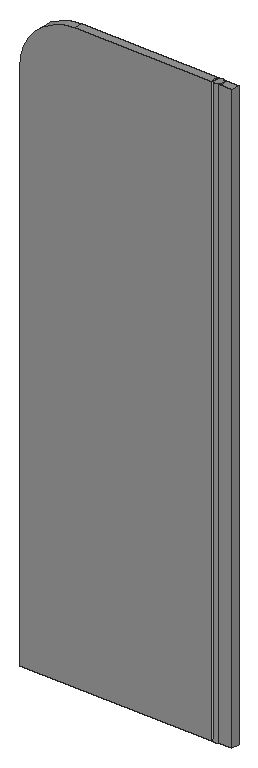
Revit family "MAMPARA STYLE ABATIBLE RECEP 70X195", category Generic Models, Revit 2014
Reference planes
  plane 1 "Center (Front/Back)": y = 0
  plane 2: z = 0
  plane 3 "Center (Left/Right)": x = 0
Forms (mm)
  Extrusion 1, solid
    sketch origin (0, 0, 0) x (1, 0, 0) y (0, 0, 1)
      loop
        line (-66.98, 0) -> (-66.98, 1950) -> (-520, 1950)
        arc (-520, 1950) -> (-647.279, 1897.279) -> (-700, 1770) r 180
        line (-700, 1770) -> (-700, 0) -> (-66.98, 0)
    from 220.74 to 250
  Extrusion 2, solid
    sketch origin (0, 0, 0) x (1, 0, 0) y (0, 1, 0)
      loop
        circle (-55, -235.37) r 15
    from 0 to 1950
  Extrusion 3, solid
    sketch origin (0, 0, 0) x (1, 0, 0) y (0, 1, 0)
      loop
        arc (-47.838, -222.19) -> (-40, -235.37) -> (-47.838, -248.55) r 15
        line (-47.838, -248.55) -> (0, -248.55) -> (0, -222.19) -> (-47.838, -222.19)
    from 0 to 1950
Dimensions and locks
  aligned and locked: level to plane 2
